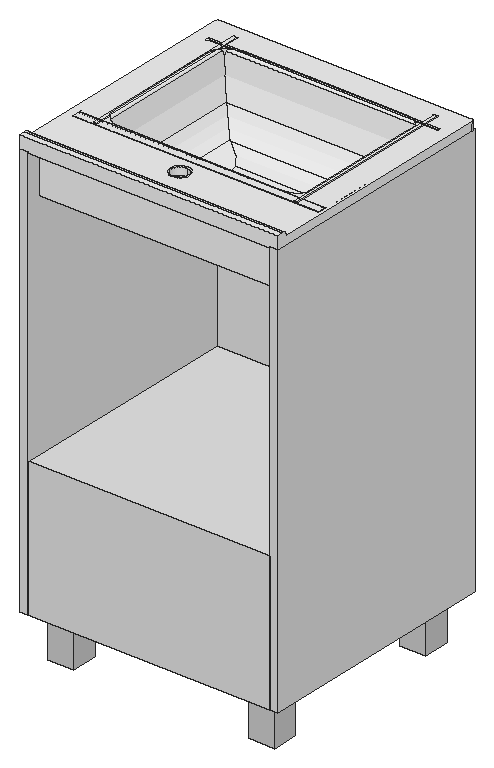
Revit family "Zara Floor Mounted Basin & Cabinet", category Plumbing Fixtures, host Wall, Revit 2023
Family settings
  Host = Wall
  Round Connector Dimension = Use Diameter
  Part Type = Normal
  OmniClass Number = 23.45.00.00
  OmniClass Title = Sanitary, Laundry, and Cleaning Equipment
  Enable Cutting in Views = No
  Always vertical = Yes
  Cut with Voids When Loaded = No
  Maintain Annotation Orientation = No
  Shared = No
  Room Calculation Point = No
Parameters (values of type "Type 1")
  Silver = Silver
  Default Elevation = 0 mm
  Ceramic = Ceramic
  Cabinet Height = 815 mm
  Cabinet = Cabinet
  Basin Height = 900 mm
Reference planes
  plane 1: y = 0
  plane 2 "Center (Left/Right)": x = 125
  plane 3 "Back": y = 75
  plane 4: z = 900
  plane 5: z = 85
  plane 6: y = 550
  plane 7: y = 530
Text (mm)
  text "Placement side" at (-1787.139, 592.35, 0), in view "Ref. Level"
  text "Placement side" at (0, 230.823, 2917.686), in view "Left"
  text "Placement side" at (0, 562.268, 3853.606), in view "Right"
Dimensions and locks
  locked: plane 3 "Back" to host wall
  "Basin Height": level to plane 4
  "Cabinet Height": plane 5 to plane 4
  plane 6 to plane 7 = 20 mm
  aligned and locked: host wall to plane 1
  aligned and locked: plane 2 "Center (Left/Right)" to nested 1
  aligned and locked: nested 1 to host wall
Nested families
  nested 1: "Zara Floor Mounted Basin & Cabinet(Family)" at (125, 75, 0), type "Zara Floor Mounted Basin & Cabinet(Family)"
Definition of nested family "Zara Floor Mounted Basin & Cabinet(Family)"
  Parameters (values of type "Zara Floor Mounted Basin & Cabinet(Family)")
    Silver = none
    Default Elevation = 0 mm
    Ceramic = none
    Cabinet = none
  Reference planes
    plane 1 "Center (Front/Back)": y = 0
    plane 2: z = 0
    plane 3 "Center (Left/Right)": x = 0
  Forms (mm)
    Extrusion 1, solid, material <- "Cabinet"
      sketch origin (-125, -75, 0) x (1, 0, 0) y (0, 1, 0)
        loop
          line (-123.5, 75) -> (-107.5, 75) -> (-107.5, 550) -> (-123.5, 550) -> (-123.5, 75)
        loop
          line (357.5, 75) -> (373.5, 75) -> (373.5, 550) -> (357.5, 550) -> (357.5, 75)
      from 85 to 885
    Extrusion 2, solid, material <- "Cabinet"
      sketch origin (-125, -75, 0) x (1, 0, 0) y (0, 1, 0)
        loop
          line (-107.5, 530) -> (-107.5, 75) -> (357.5, 75) -> (357.5, 530) -> (-107.5, 530)
      from 85 to 351
    Extrusion 3, solid, material <- "Cabinet"
      sketch origin (0, -75, 0) x (0, 1, 0) y (0, 0, 1)
        loop
          line (530, 800) -> (530, 801.6) -> (513.4, 801.6) -> (513.4, 742.4) -> (530, 742.4) -> (530, 744) -> (515, 744) -> (515, 800) -> (530, 800)
      from -233.329 to 233.041
    Extrusion 4, solid, material <- "Cabinet"
      sketch origin (-125, 0, 0) x (1, 0, 0) y (0, 0, 1)
        loop
          line (356, 759) -> (-106, 759) -> (-106, 85) -> (356, 85) -> (356, 759)
      from -471 to -455
    Extrusion 5, solid, material <- "Cabinet"
      sketch origin (-125, 0, 0) x (1, 0, 0) y (0, 0, 1)
        loop
          line (357.5, 785) -> (357.5, 885) -> (-107.5, 885) -> (-107.5, 785) -> (357.5, 785)
      from -471 to -455
    Extrusion 6, solid, material <- "Silver"
      sketch origin (-125, -75, 0) x (1, 0, 0) y (0, 1, 0)
        loop
          line (-93.5, 520) -> (-93.5, 470) -> (-43.5, 470) -> (-43.5, 520) -> (-93.5, 520)
        loop
          line (343.5, 520) -> (293.5, 520) -> (293.5, 470) -> (343.5, 470) -> (343.5, 520)
        loop
          line (-93.5, 155) -> (-93.5, 105) -> (-43.5, 105) -> (-43.5, 155) -> (-93.5, 155)
        loop
          line (343.5, 155) -> (293.5, 155) -> (293.5, 105) -> (343.5, 105) -> (343.5, 155)
      from 0 to 85
  Dimensions and locks
    aligned and locked: level to plane 2
    aligned and locked: Extrusion 1 to Extrusion 2
    aligned and locked: Extrusion 4 to Extrusion 5
    aligned and locked: Extrusion 6 to Extrusion 1
  Nested families
    nested 1: "Zara WB 50cm Vanity" at (0, 0, 885) x (-1, 0, 0) z (0, 0, 1), type "Zara WB 50cm Vanity"
  Definition of nested family "Zara WB 50cm Vanity"
    Parameters (values of type "Zara WB 50cm Vanity")
      Silver = none
      Default Elevation = 0 mm
      Ceramic = none
    Reference planes
      plane 1 "Center (Front/Back)": y = 0
      plane 2: z = 0
      plane 3 "Center (Left/Right)": x = 0
    Forms (mm)
      Extrusion 1, solid, material <- "Ceramic"
        sketch origin (0, 0, 0) x (1, 0, 0) y (0, 1, 0)
          loop
            line (-248.5, 0) -> (-248.5, -468.863)
            arc (-248.5, -468.863) -> (-246.272, -473.633) -> (-241.395, -475.616) r 7.208
            line (-241.395, -475.616) -> (0, -476) -> (241.395, -475.616)
            arc (241.395, -475.616) -> (246.272, -473.633) -> (248.5, -468.863) r 7.208
            line (248.5, -468.863) -> (248.5, 0) -> (-248.5, 0)
          loop
            arc (-156.484, -124.844) -> (-184.74, -136.097) -> (-196.506, -164.142) r 39.303
            line (-196.506, -164.142) -> (-196.5, -384.455)
            arc (-196.5, -384.455) -> (-185.009, -412.225) -> (-157.257, -423.757) r 39.303
            line (-157.257, -423.757) -> (0, -424) -> (157.257, -423.757)
            arc (157.257, -423.757) -> (185.009, -412.225) -> (196.5, -384.455) r 39.303
            line (196.5, -384.455) -> (196.506, -164.142)
            arc (196.506, -164.142) -> (184.74, -136.097) -> (156.484, -124.844) r 39.303
            line (156.484, -124.844) -> (0, -124.844) -> (-156.484, -124.844)
        from 0 to 15
      Extrusion 2, solid, material <- "Ceramic"
        sketch origin (0, 0, 0) x (0, 1, 0) y (0, 0, 1)
          loop
            line (-20.164, 15) -> (-48.178, 15) -> (-35.309, -85) -> (-25, -85) -> (-25, -2) -> (0, -2) -> (0, 25) -> (-12.126, 25)
            arc (-12.126, 25) -> (-13.314, 24.9) -> (-14.469, 24.604) r 7.126
            arc (-14.469, 24.604) -> (-17.917, 22.261) -> (-19.824, 18.554) r 8.443
            line (-19.824, 18.554) -> (-19.945, 17.295) -> (-20.164, 15)
        from -248.5 to 248.5
      Extrusion 3, solid, material <- "Ceramic"
        sketch origin (0, 0, 0) x (0, 1, 0) y (0, 0, 1)
          loop
            line (-418.973, 14.982) -> (-424, 15) -> (-424, 0) -> (-455.452, 0)
            arc (-455.452, 0) -> (-453.761, -0.851) -> (-453, -2.585) r 2.795
            line (-453, -2.585) -> (-453, -30.688)
            arc (-453, -30.688) -> (-452.239, -32.422) -> (-450.548, -33.273) r 2.795
            line (-450.548, -33.273) -> (-432.69, -33.273)
            arc (-432.69, -33.273) -> (-431.229, -33.666) -> (-430.334, -34.887) r 2.285
            arc (-430.334, -34.887) -> (-407.18, -82.303) -> (-361.098, -108.01) r 88.185
            arc (-361.098, -108.01) -> (-310.759, -115.988) -> (-259.886, -119.083) r 528.898
            arc (-259.886, -119.083) -> (-288.368, -116.148) -> (-316.694, -111.974) r 657.127
            arc (-316.694, -111.974) -> (-336.09, -106.961) -> (-354.474, -99.002) r 128.869
            arc (-354.474, -99.002) -> (-375.867, -83.571) -> (-391.698, -62.474) r 87.637
            arc (-391.698, -62.474) -> (-406.724, -26.846) -> (-414.021, 11.127) r 185.098
            arc (-414.021, 11.127) -> (-415.835, 13.905) -> (-418.973, 14.982) r 5.109
        from -223.06 to 223.06
      Extrusion 4, solid, material <- "Ceramic"
        sketch origin (0, 0, 0) x (0, 1, 0) y (0, 0, 1)
          loop
            line (-108.74, 15) -> (-124.844, 15)
            arc (-124.844, 15) -> (-128.12, 13.802) -> (-130, 10.864) r 5.454
            line (-130, 10.864) -> (-132.677, -19.703) -> (-143.1, -105.669)
            arc (-143.1, -105.669) -> (-147.358, -112.985) -> (-154.899, -116.828) r 14.993
            line (-154.899, -116.828) -> (-165.273, -118.61) -> (-165.273, -121.654) -> (-154.37, -119.781)
            arc (-154.37, -119.781) -> (-145.236, -115.107) -> (-140.142, -106.201) r 17.993
            line (-140.142, -106.201) -> (-129.693, -20.015) -> (-127.036, 10.322)
            arc (-127.036, 10.322) -> (-126.18, 11.511) -> (-124.799, 12) r 2.454
            line (-124.799, 12) -> (-108.74, 12) -> (-108.74, 15)
        from -240 to 233.329
      Extrusion 5, solid, material <- "Ceramic"
        sketch origin (0, 0, 0) x (-1, 0, 0) y (0, 0, -1)
          loop
            line (191.485, -14.982) -> (196.511, -15) -> (196.511, 0) -> (227.963, 0)
            arc (227.963, 0) -> (226.272, 0.851) -> (225.511, 2.585) r 2.795
            line (225.511, 2.585) -> (225.511, 30)
            arc (225.511, 30) -> (224.751, 31.734) -> (223.06, 32.585) r 2.795
            line (223.06, 32.585) -> (216.789, 32.585)
            arc (216.789, 32.585) -> (215.738, 32.732) -> (214.826, 33.273) r 2.682
            arc (214.826, 33.273) -> (135.961, 96.87) -> (37.469, 120.61) r 231.04
            line (37.469, 120.61) -> (37.469, 118.61)
            arc (37.469, 118.61) -> (84.17, 113.051) -> (128.751, 98.072) r 229.04
            arc (128.751, 98.072) -> (149.086, 82.869) -> (164.21, 62.474) r 87.637
            arc (164.21, 62.474) -> (179.236, 26.846) -> (186.532, -11.127) r 185.098
            arc (186.532, -11.127) -> (188.346, -13.905) -> (191.485, -14.982) r 5.109
        from 111.966 to 450.548
      Extrusion 6, solid, material <- "Ceramic"
        sketch origin (0, 0, 0) x (1, 0, 0) y (0, 0, 1)
          loop
            arc (191.485, 14.982) -> (188.346, 13.905) -> (186.532, 11.127) r 5.109
            arc (186.532, 11.127) -> (179.236, -26.846) -> (164.21, -62.474) r 185.098
            arc (164.21, -62.474) -> (149.086, -82.869) -> (128.751, -98.072) r 87.637
            arc (128.751, -98.072) -> (84.17, -113.051) -> (37.469, -118.61) r 229.04
            line (37.469, -118.61) -> (37.469, -120.61)
            arc (37.469, -120.61) -> (135.961, -96.87) -> (214.826, -33.273) r 231.04
            arc (214.826, -33.273) -> (215.738, -32.732) -> (216.789, -32.585) r 2.682
            line (216.789, -32.585) -> (223.06, -32.585)
            arc (223.06, -32.585) -> (224.751, -31.734) -> (225.511, -30) r 2.795
            line (225.511, -30) -> (225.511, -2.585)
            arc (225.511, -2.585) -> (226.272, -0.851) -> (227.963, 0) r 2.795
            line (227.963, 0) -> (196.511, 0) -> (196.511, 15) -> (191.485, 14.982)
        from 111.966 to 450.548
      Extrusion 7, void
        sketch origin (0, 0, 0) x (0, 1, 0) y (0, 0, 1)
          loop
            line (-432.69, -33.273) -> (-457.267, -33.273) -> (-457.267, -146.338) -> (-259.886, -146.338) -> (-259.886, -119.083)
            arc (-259.886, -119.083) -> (-310.759, -115.988) -> (-361.098, -108.01) r 528.898
            arc (-361.098, -108.01) -> (-407.18, -82.303) -> (-430.334, -34.887) r 88.185
            arc (-430.334, -34.887) -> (-431.229, -33.666) -> (-432.69, -33.273) r 2.285
        from -289.729 to 250
      Extrusion 8, void
        sketch origin (0, 0, 0) x (1, 0, 0) y (0, 0, 1)
          loop
            line (-267.469, 0) -> (-267.469, -150.61) -> (-37.469, -150.61) -> (-37.469, -120.61)
            arc (-37.469, -120.61) -> (-135.961, -96.87) -> (-214.826, -33.273) r 231.04
            arc (-214.826, -33.273) -> (-215.738, -32.732) -> (-216.789, -32.585) r 2.682
            line (-216.789, -32.585) -> (-223.06, -32.585)
            arc (-223.06, -32.585) -> (-224.751, -31.734) -> (-225.511, -30) r 2.795
            line (-225.511, -30) -> (-225.511, -2.585)
            arc (-225.511, -2.585) -> (-226.272, -0.851) -> (-227.963, 0) r 2.795
            line (-227.963, 0) -> (-267.469, 0)
          loop
            line (267.469, 0) -> (227.963, 0)
            arc (227.963, 0) -> (226.272, -0.851) -> (225.511, -2.585) r 2.795
            line (225.511, -2.585) -> (225.511, -30)
            arc (225.511, -30) -> (224.751, -31.734) -> (223.06, -32.585) r 2.795
            line (223.06, -32.585) -> (216.789, -32.585)
            arc (216.789, -32.585) -> (215.738, -32.732) -> (214.826, -33.273) r 2.682
            arc (214.826, -33.273) -> (135.961, -96.87) -> (37.469, -120.61) r 231.04
            line (37.469, -120.61) -> (37.469, -150.61) -> (267.469, -150.61) -> (267.469, 0)
        from 0 to 536.091
      Extrusion 9, void
        sketch origin (0, 0, 0) x (0, 1, 0) y (0, 0, 1)
          loop
            line (-127.94, 0) -> (-129.693, -20.015) -> (-140.142, -106.201)
            arc (-140.142, -106.201) -> (-145.236, -115.107) -> (-154.37, -119.781) r 17.993
            line (-154.37, -119.781) -> (-165.273, -121.654) -> (-96.8, -121.654) -> (-96.8, 0) -> (-127.94, 0)
        from -475.074 to 250
      Extrusion 10, solid, material <- "Ceramic"
        sketch origin (0, 0, 0) x (1, 0, 0) y (0, 1, 0)
          loop
            line (-37.469, -259.886) -> (37.469, -259.886) -> (37.469, -165.273) -> (-37.469, -165.273) -> (-37.469, -259.886)
        from -120.988 to -118.61
      Extrusion 11, void
        sketch origin (0, 0, 0) x (1, 0, 0) y (0, 1, 0)
          loop
            circle (0, -75) r 18
        from -2.585 to 17.412
      Revolve 12, solid, material <- "Ceramic"
        sketch origin (0, 0, 0) x (0, 1, 0) y (0, 0, 1)
          loop
            line (-93, 0) -> (-92, 0) -> (-92, 14)
            arc (-92, 14) -> (-92.293, 14.707) -> (-93, 15) r 1
            line (-93, 15) -> (-93, 0)
          axis (-75, 15) -> (-75, 0)
        angle from 0 to 360
      Extrusion 13, void
        sketch origin (0, 0, 0) x (1, 0, 0) y (0, 1, 0)
          loop
            circle (0, -198.5) r 22.5
        from -129.358 to -104.941
      Extrusion 14, solid, material <- "Ceramic"
        sketch origin (0, 0, 0) x (0, 1, 0) y (0, 0, 1)
          loop
            line (-126.24, -127.504) -> (-109.108, 12) -> (-124.799, 12)
            arc (-124.799, 12) -> (-126.18, 11.511) -> (-127.036, 10.322) r 2.454
            line (-127.036, 10.322) -> (-129.693, -20.015) -> (-140.142, -106.201)
            arc (-140.142, -106.201) -> (-145.236, -115.107) -> (-154.37, -119.781) r 17.993
            line (-154.37, -119.781) -> (-176.444, -123.572) -> (-183.855, -128.592) -> (-183.855, -150.485) -> (-155.285, -150.485)
            arc (-155.285, -150.485) -> (-144.595, -148.756) -> (-135.303, -143.194) r 28.741
            arc (-135.303, -143.194) -> (-129.532, -136.065) -> (-126.24, -127.504) r 29.384
        from -17.5 to 17.5
      Revolve 15, solid, material <- "Ceramic"
        sketch origin (0, 0, 0) x (0, 1, 0) y (0, 0, 1)
          loop
            line (-176.5, -160) -> (-176.5, -128.592) -> (-165.273, -120.988) -> (-183.176, -120.988) -> (-183.176, -160) -> (-176.5, -160)
          axis (-199, -120.988) -> (-199, -160)
        angle from 0 to 360
      Revolve 16, solid, material <- "Silver"
        sketch origin (0, -7, -840.079) x (0, 1, 0) y (0, 0, 1)
          loop
            line (-169.5, 721.469) -> (-169.5, 722.469)
            arc (-169.5, 722.469) -> (-169.793, 723.176) -> (-170.5, 723.469) r 1
            line (-170.5, 723.469) -> (-176.5, 723.469)
            arc (-176.5, 723.469) -> (-177.207, 723.176) -> (-177.5, 722.469) r 1
            line (-177.5, 722.469) -> (-177.5, 718.713)
            arc (-177.5, 718.713) -> (-177.646, 718.359) -> (-178, 718.213) r 0.5
            line (-178, 718.213) -> (-192, 718.213) -> (-192, 717.213) -> (-176.15, 717.213) -> (-176.15, 720.469)
            arc (-176.15, 720.469) -> (-175.857, 721.176) -> (-175.15, 721.469) r 1
            line (-175.15, 721.469) -> (-169.5, 721.469)
          axis (-192, 717.213) -> (-192, 723.469)
        angle from 0 to 360
      Extrusion 17, void
        sketch origin (0, -7, -840.079) x (1, 0, 0) y (0, 1, 0)
          loop
            circle (0, -192) r 3
          loop
            circle (-8.778, -192) r 3
          loop
            circle (-4.389, -184.398) r 3
          loop
            circle (4.389, -184.398) r 3
          loop
            circle (8.778, -192) r 3
          loop
            circle (4.389, -199.602) r 3
          loop
            circle (-4.389, -199.602) r 3
        from 710.891 to 726.281
      Extrusion 18, void
        sketch origin (0, 0, 0) x (1, 0, 0) y (0, 0, 1)
          loop
            line (-254.032, 0) -> (-254.032, -95) -> (-234.032, -95) -> (-234.032, 0) -> (-254.032, 0)
          loop
            line (254.032, 0) -> (234.032, 0) -> (234.032, -95) -> (254.032, -95) -> (254.032, 0)
        from 0 to 250
    Cuts and joins
      Extrusion 11, Extrusion 18 cuts Extrusion 1
      Extrusion 11, Extrusion 18 cuts Extrusion 2
      Extrusion 18 cuts Revolve 12
      joined: Extrusion 1, Extrusion 2, Revolve 12
      Extrusion 7, Extrusion 9 cuts Extrusion 6
      Extrusion 7, Extrusion 9 cuts Extrusion 5
      Extrusion 8, Extrusion 18 cuts Extrusion 4
      Extrusion 8 cuts Extrusion 3
      Extrusion 13 cuts Extrusion 10
      Extrusion 17 cuts Revolve 16
    Lines and regions (mm)
      model lines, not visible
        curve 1: line (-692.291, -1585.934, 0) -> (1298.037, -1585.934, 0)
        curve 2: line (-692.291, -1507.72, 0) -> (1298.037, -1507.72, 0)
        curve 3: line (-692.291, -1454.966, 0) -> (1298.037, -1454.966, 0)
        curve 4: line (-692.291, -1396.094, 0) -> (1298.037, -1396.094, 0)
        curve 5: line (-692.291, -1327.561, 0) -> (1298.037, -1327.561, 0)
        curve 6: line (-255.999, -1327.561, 0) -> (-255.999, -1731.243, 0)
        curve 7: line (856.752, -1327.561, 0) -> (856.752, -1731.243, 0)
        curve 8: line (515.541, -1731.243, 0) -> (767.709, -1731.243, 0)
        curve 9: line (767.709, -1731.243, 0) -> (1000.562, -1731.243, 0)
        curve 10: line (977.709, -1731.243, 0) -> (1298.037, -1731.243, 0)
        curve 11: line (1298.037, -1731.243, 0) -> (1298.037, 1093.757, 0)
        curve 12: line (1298.037, 1093.757, 0) -> (711.036, 1093.757, 0)
        curve 13: line (727.709, 1093.757, 0) -> (-188.693, 1093.757, 0)
        curve 14: line (-172.291, 1093.757, 0) -> (-692.291, 1093.757, 0)
        curve 15: line (-692.291, 1093.757, 0) -> (-692.291, -1731.243, 0)
        curve 16: line (-692.291, -1731.243, 0) -> (561.433, -1731.243, 0)
        curve 17: arc (227.952, 338.258, 0) -> (226.261, 337.407, 0) -> (225.5, 335.673, 0) r 2.795
        curve 18: arc (223.048, 305.673, 0) -> (224.739, 306.524, 0) -> (225.5, 308.258, 0) r 2.795
        curve 19: arc (37.5, 217.649, 0) -> (135.975, 241.396, 0) -> (214.826, 304.985, 0) r 231.04
        curve 20: arc (216.463, 305.673, 0) -> (215.586, 305.468, 0) -> (214.826, 304.985, 0) r 2.682
        curve 21: arc (248.5, 360.302, 0) -> (247.566, 362.356, 0) -> (245.497, 363.258, 0) r 3.151
        curve 22: arc (244.09, 338.258, 0) -> (247.204, 339.554, 0) -> (248.5, 342.668, 0) r 4.424
        curve 23: arc (-225.5, 335.673, 0) -> (-226.261, 337.407, 0) -> (-227.952, 338.258, 0) r 2.795
        curve 24: arc (-225.5, 308.258, 0) -> (-224.739, 306.524, 0) -> (-223.048, 305.673, 0) r 2.795
        curve 25: arc (-214.826, 304.985, 0) -> (-135.975, 241.396, 0) -> (-37.5, 217.649, 0) r 231.04
        curve 26: arc (-214.826, 304.985, 0) -> (-215.586, 305.468, 0) -> (-216.463, 305.673, 0) r 2.682
        curve 27: arc (-245.497, 363.258, 0) -> (-247.566, 362.356, 0) -> (-248.5, 360.302, 0) r 3.151
        curve 28: arc (-248.5, 342.668, 0) -> (-247.204, 339.554, 0) -> (-244.09, 338.258, 0) r 4.424
        curve 29: line (225.5, 335.673, 0) -> (225.5, 308.258, 0)
        curve 30: line (223.048, 305.673, 0) -> (216.463, 305.673, 0)
        curve 31: line (248.5, 360.302, 0) -> (248.5, 352.258, 0)
        curve 32: line (248.5, 352.258, 0) -> (248.5, 342.668, 0)
        curve 33: line (37.5, 217.649, 0) -> (-37.5, 217.649, 0)
        curve 34: line (-37.5, 217.649, 0) -> (-32.5, 178.258, 0)
        curve 35: line (-32.5, 178.258, 0) -> (32.5, 178.258, 0)
        curve 36: line (32.5, 178.258, 0) -> (37.5, 217.649, 0)
        curve 37: line (248.5, 353.258, 0) -> (0, 353.258, 0)
        curve 38: line (0, 353.258, 0) -> (-248.5, 353.258, 0)
        curve 39: line (245.497, 363.258, 0) -> (0, 363.258, 0)
        curve 40: line (0, 363.258, 0) -> (-245.497, 363.258, 0)
        curve 41: line (-244.09, 338.258, 0) -> (-227.952, 338.258, 0)
        curve 42: line (-227.952, 338.258, 0) -> (227.952, 338.258, 0)
        curve 43: line (227.952, 338.258, 0) -> (244.09, 338.258, 0)
        curve 44: line (-225.5, 338.258, 0) -> (-225.5, 308.258, 0)
        curve 45: line (-223.048, 305.673, 0) -> (-216.463, 305.673, 0)
        curve 46: line (-248.5, 360.302, 0) -> (-248.5, 352.258, 0)
        curve 47: line (-248.5, 352.258, 0) -> (-248.5, 342.668, 0)
        curve 48: line (597.207, 378.471, 0) -> (597.207, 348.045, 0)
        curve 49: line (640.95, 325.619, 0) -> (667.745, 325.619, 0)
        curve 50: line (579.707, 353.258, 0) -> (614.707, 353.258, 0)
        curve 51: line (698.707, 208.9, 0) -> (743.707, 208.9, 0)
        curve 52: line (687.48, 217.271, 0) -> (756.557, 217.271, 0)
        curve 53: line (721.207, 161.674, 0) -> (721.207, 233.317, 0)
        curve 54: line (698.707, 178.258, 0) -> (743.707, 178.258, 0)
        curve 55: line (655.543, 313.119, 0) -> (653.171, 338.119, 0)
        curve 56: line (623.983, 353.258, 0) -> (975.76, 353.258, 0)
        curve 57: arc (652.207, 349.122, 0) -> (650.327, 352.06, 0) -> (647.052, 353.258, 0) r 5.454
        curve 58: arc (657.51, 195.064, 0) -> (666.802, 189.502, 0) -> (677.492, 187.773, 0) r 28.741
        curve 59: arc (757.618, 217.649, 0) -> (756.324, 217.168, 0) -> (755.113, 216.504, 0) r 9.477
        curve 60: arc (665.786, 228.64, 0) -> (670.177, 222.347, 0) -> (677.107, 219.052, 0) r 14.993
        curve 61: arc (648.447, 210.755, 0) -> (651.739, 202.193, 0) -> (657.51, 195.064, 0) r 29.384
        curve 62: arc (542.032, 356.812, 0) -> (540.125, 360.519, 0) -> (536.676, 362.862, 0) r 8.443
        curve 63: arc (536.676, 362.862, 0) -> (535.521, 363.158, 0) -> (534.333, 363.258, 0) r 7.126
        curve 64: arc (941.32, 353.239, 0) -> (938.098, 352.206, 0) -> (936.228, 349.385, 0) r 5.109
        curve 65: arc (913.906, 275.784, 0) -> (928.932, 311.412, 0) -> (936.228, 349.385, 0) r 185.098
        curve 66: arc (882.648, 242.617, 0) -> (900.471, 257.133, 0) -> (913.906, 275.784, 0) r 87.637
        curve 67: arc (757.618, 217.649, 0) -> (798.394, 220.701, 0) -> (838.901, 226.284, 0) r 657.127
        curve 68: arc (838.901, 226.284, 0) -> (861.521, 232.452, 0) -> (882.648, 242.617, 0) r 128.869
        curve 69: arc (883.305, 230.248, 0) -> (930.511, 257.165, 0) -> (952.975, 306.645, 0) r 88.185
        curve 70: arc (782.093, 219.175, 0) -> (832.966, 222.27, 0) -> (883.305, 230.248, 0) r 528.898
        curve 71: arc (977.659, 338.258, 0) -> (975.968, 337.407, 0) -> (975.207, 335.673, 0) r 2.795
        curve 72: arc (972.756, 308.258, 0) -> (974.447, 309.11, 0) -> (975.207, 310.844, 0) r 2.795
        curve 73: arc (955.331, 308.258, 0) -> (953.87, 307.865, 0) -> (952.975, 306.645, 0) r 2.285
        curve 74: line (542.032, 356.812, 0) -> (542.152, 355.553, 0)
        curve 75: line (542.152, 355.553, 0) -> (542.371, 353.258, 0)
        curve 76: line (542.371, 353.258, 0) -> (579.707, 353.258, 0)
        curve 77: line (652.207, 349.122, 0) -> (653.171, 338.119, 0)
        curve 78: line (655.543, 313.119, 0) -> (665.786, 228.64, 0)
        curve 79: line (977.659, 338.258, 0) -> (998.207, 338.258, 0)
        curve 80: line (998.207, 338.258, 0) -> (998.207, 353.258, 0)
        curve 81: line (998.207, 353.258, 0) -> (941.32, 353.239, 0)
        curve 82: line (614.707, 353.258, 0) -> (647.052, 353.258, 0)
        curve 83: line (648.447, 210.755, 0) -> (630.947, 353.258, 0)
        curve 84: line (698.707, 178.258, 0) -> (698.707, 187.773, 0)
        curve 85: line (698.707, 187.773, 0) -> (677.492, 187.773, 0)
        curve 86: line (755.113, 216.504, 0) -> (743.707, 208.9, 0)
        curve 87: line (743.707, 208.9, 0) -> (743.707, 178.258, 0)
        curve 88: line (677.107, 219.052, 0) -> (687.48, 217.271, 0)
        curve 89: line (687.48, 217.271, 0) -> (698.707, 209.667, 0)
        curve 90: line (698.707, 209.667, 0) -> (698.707, 198.583, 0)
        curve 91: line (534.333, 363.258, 0) -> (522.207, 363.258, 0)
        curve 92: line (522.207, 363.258, 0) -> (522.207, 353.258, 0)
        curve 93: line (522.207, 353.258, 0) -> (522.207, 336.258, 0)
        curve 94: line (522.207, 336.258, 0) -> (547.207, 336.258, 0)
        curve 95: line (547.207, 336.258, 0) -> (547.207, 253.258, 0)
        curve 96: line (547.207, 253.258, 0) -> (557.516, 253.258, 0)
        curve 97: line (557.516, 253.258, 0) -> (570.385, 353.258, 0)
        curve 98: line (975.207, 335.673, 0) -> (975.207, 310.844, 0)
        curve 99: line (972.756, 308.258, 0) -> (955.331, 308.258, 0)
        curve 100: line (0, -167.232, 0) -> (0, -198.5, 0)
        curve 101: line (0, -198.5, 0) -> (31.268, -198.5, 0)
        curve 102: line (-31.268, -198.5, 0) -> (0, -198.5, 0)
        curve 103: line (0, -198.5, 0) -> (0, -229.768, 0)
        curve 104: line (-22.3, -74.5, 0) -> (0, -74.5, 0)
        curve 105: line (0, -74.5, 0) -> (22.3, -74.5, 0)
        curve 106: line (0, -96.8, 0) -> (0, -74.5, 0)
        curve 107: line (0, -74.5, 0) -> (0, -52.2, 0)
        curve 108: arc (241.395, -475.616, 0) -> (246.272, -473.633, 0) -> (248.5, -468.863, 0) r 7.208
        curve 109: arc (196.506, -169.291, 0) -> (184.737, -141.25, 0) -> (156.484, -130, 0) r 39.303
        curve 110: arc (157.197, -423.757, 0) -> (184.973, -412.261, 0) -> (196.5, -384.497, 0) r 39.303
        curve 111: circle (0, -74.5, 0) r 17.5 normal (0, 0, 1)
        curve 112: circle (0, -198.5, 0) r 22.5 normal (0, 0, 1)
        curve 113: arc (-248.5, -468.863, 0) -> (-246.272, -473.633, 0) -> (-241.395, -475.616, 0) r 7.208
        curve 114: arc (-156.484, -130, 0) -> (-184.737, -141.25, 0) -> (-196.506, -169.291, 0) r 39.303
        curve 115: arc (-196.5, -384.497, 0) -> (-184.973, -412.261, 0) -> (-157.197, -423.757, 0) r 39.303
        curve 116: arc (-246.754, 0, 0) -> (-247.986, -0.514, 0) -> (-248.5, -1.746, 0) r 1.754
        curve 117: line (246.754, 0, 0) -> (-246.754, 0, 0)
        curve 118: line (248.5, -18, 0) -> (-248.5, -18, 0)
        curve 119: line (-241.395, -475.616, 0) -> (0, -476, 0)
        curve 120: line (0, -476, 0) -> (241.395, -475.616, 0)
        curve 121: line (0, -424, 0) -> (157.197, -423.757, 0)
        curve 122: line (248.5, -1.746, 0) -> (248.5, -468.863, 0)
        curve 123: line (196.506, -169.291, 0) -> (196.5, -384.497, 0)
        curve 124: line (-156.484, -130, 0) -> (0, -130, 0)
        curve 125: line (0, -130, 0) -> (156.484, -130, 0)
        curve 126: line (0, -424, 0) -> (-157.197, -423.757, 0)
        curve 127: line (-248.5, -1.746, 0) -> (-248.5, -468.863, 0)
        curve 128: line (-196.506, -169.291, 0) -> (-196.5, -384.497, 0)
    Text (mm)
      text "  Zara WB 50cm Vanity\n   (Provisional Drawing)" at (37.058, -1601.212, 0), in view "Ref. Level", not visible
      text "20/4/2021" at (984.853, -1398.513, 0), in view "Ref. Level", not visible
      text "Date Of Rev\n." at (955.484, -1341.385, 0), in view "Ref. Level", not visible
      text "Scale :\n1:10" at (978.122, -1642.12, 0), in view "Ref. Level", not visible
      text "Reason\n." at (242.286, -1338.066, 0), in view "Ref. Level", not visible
      text "Revision No\n." at (-616.676, -1342.256, 0), in view "Ref. Level", not visible
      text "Initial Issue\n." at (-211.258, -1397.706, 0), in view "Ref. Level", not visible
      text "0" at (-491.104, -1401.096, 0), in view "Ref. Level", not visible
      text "Disclaimer:\n-Fixture dimensions are nominal and conform to tolerances as per European Norms.\n-This drawing may not be copied or passed on to a third party without our permission.\n-Lecico accepts no liability whatsoever for this data and technical drawings. Other parties use them at their own risk.\n-The dimensions indicated are not binding, Lecico reserves the right to make product   drawings changes without prior notice." at (-622.749, -1088.708, 0), in view "Ref. Level", not visible
      text "/" at (622.594, -1244.819, 0), in view "Ref. Level", not visible
      text "20/10/2021" at (979.238, -1454.398, 0), in view "Ref. Level", not visible
      text "The name has been\nchanged." at (-207.02, -1450.938, 0), in view "Ref. Level", not visible
      text "1" at (-486.867, -1454.414, 0), in view "Ref. Level", not visible
    Dimensions and locks
      aligned and locked: level to plane 2
